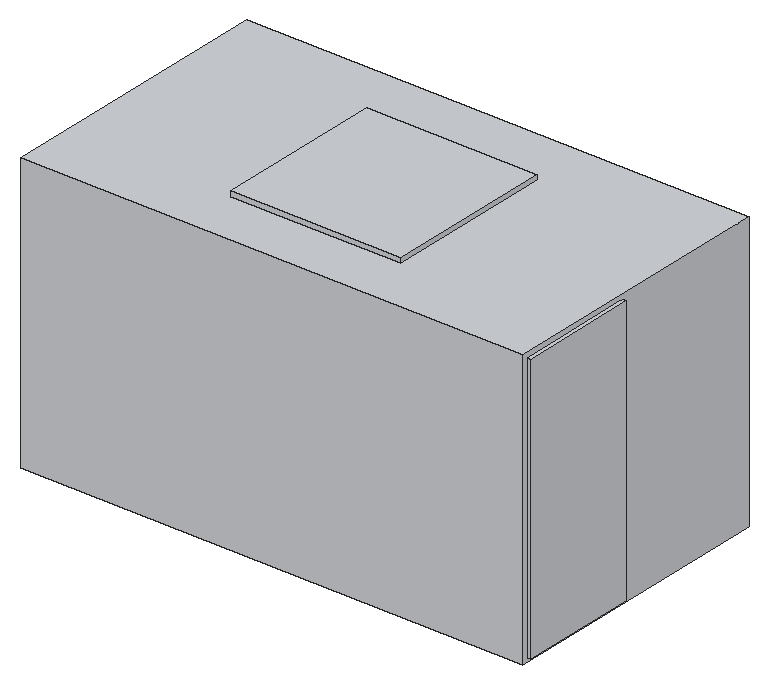
Revit family "M_Módulo do ventilador - Descarga traseira", category Equipamento mecânico, Revit 2019
Family settings
  Cota do conector redondo = Utilizar diâmetro
  Tipo de parte = Normal
  ID de item do Seek = Fan Module -  Rear Discharge Up-0000-CAN-ENU
  Com base no plano de trabalho = Não
  Sempre na vertical = Sim
  Corte com vazios quando carregada = Não
  Compartilhado = Não
  Ponto de cálculo do ambiente = Não
Parameters (values of type "11280 LPS")
  Largura = 665.2 mm
  Voltagem = 480 V
  Raio do motor do símbolo = Largura de meia entrada * 0.4  # 560 mm
  Comprimento do símbolo = Largura do ventilador / 2 - Raio do motor do símbolo - 50.8 mm  # 176.6 mm
  Raio 2 = 1 / 6 * Comprimento do ventilador  # 466.667 mm
  Largura da saída = Altura da saída  # 950 mm
  Altura da saída = 950 mm
  Classificação de carga = Refrigeração
  Pressão estática externa [instance] = 186.63 Pa
  Número de pólos = 3
  Largura interna = Altura do ventilador  # 1550 mm
  Altura interna = Comprimento do ventilador  # 2800 mm
  Largura de meia entrada = Comprimento do ventilador / 2  # 1400 mm
  Altura de meia entrada = Largura do ventilador / 2  # 787.4 mm
  Altura do meio ventilador = Altura do ventilador / 2  # 775 mm
  Largura de meia tomada = Largura da saída / 2  # 475 mm
  Altura de meia tomada = Altura da saída / 2  # 475 mm
  Largura do ventilador = 1574.8 mm
  Material do ventilador = none
  Comprimento do ventilador = 2800 mm
  Altura do ventilador = 1550 mm
  Carga aparente [instance] = 120000 VA
  Fluxo de ar [instance] = 11326.7 L/s
Types (17, lengths in mm): name | Largura | Voltagem | Raio do motor do símbolo | Comprimento do símbolo | Raio 2 | Largura da saída | Altura da saída | Largura interna | Altura interna | Largura de meia entrada | Altura de meia entrada | Altura do meio ventilador | Largura de meia tomada | Altura de meia tomada | Largura do ventilador | Comprimento do ventilador | Altura do ventilador | Carga aparente | Fluxo de ar
  (no name) | 665.2 | 480 V | 560 | 176.6 | 466.667 | 950 | 950 | 1550 | 2800 | 1400 | 787.4 | 775 | 475 | 475 | 1574.8 | 2800 | 1550 | 120000 VA | 11326.7 L/s
  846 LPS | 406.4 | 208 V | 160 | 246.4 | 133.333 | 300 | 300 | 650 | 800 | 400 | 457.2 | 325 | 150 | 150 | 914.4 | 800 | 650 | 13000 VA | 849.51 L/s
  1692 LPS | 406.4 | 208 V | 220 | 262.6 | 183.333 | 400 | 400 | 700 | 1100 | 550 | 533.4 | 350 | 200 | 200 | 1066.8 | 1100 | 700 | 26000 VA | 1699.01 L/s
  2256 LPS | 406.4 | 208 V | 240 | 268 | 200 | 450 | 450 | 800 | 1200 | 600 | 558.8 | 400 | 225 | 225 | 1117.6 | 1200 | 800 | 32000 VA | 2265.35 L/s
  2820 LPS | 406.4 | 208 V | 300 | 81 | 250 | 500 | 500 | 850 | 1500 | 750 | 431.8 | 425 | 250 | 250 | 863.6 | 1500 | 850 | 44000 VA | 2831.68 L/s
  3384 LPS | 406.4 | 208 V | 330 | 101.8 | 275 | 550 | 550 | 950 | 1650 | 825 | 482.6 | 475 | 275 | 275 | 965.2 | 1650 | 950 | 53000 VA | 3398.02 L/s
  3948 LPS | 406.4 | 208 V | 350 | 107.2 | 291.667 | 600 | 600 | 1000 | 1750 | 875 | 508 | 500 | 300 | 300 | 1016 | 1750 | 1000 | 63000 VA | 3964.36 L/s
  4764 LPS | 406.4 | 208 V | 380 | 128 | 316.667 | 700 | 700 | 1100 | 1900 | 950 | 558.8 | 550 | 350 | 350 | 1117.6 | 1900 | 1100 | 75000 VA | 4813.86 L/s
  5922 LPS | 609.6 | 208 V | 390 | 194.2 | 325 | 700 | 700 | 1250 | 1950 | 975 | 635 | 625 | 350 | 350 | 1270 | 1950 | 1250 | 95000 VA | 5946.54 L/s
  7050 LPS | 609.6 | 208 V | 400 | 260.4 | 333.333 | 800 | 800 | 1400 | 2000 | 1000 | 711.2 | 700 | 400 | 400 | 1422.4 | 2000 | 1400 | 95000 VA | 7079.21 L/s
  8460 LPS | 609.6 | 208 V | 470 | 190.4 | 391.667 | 800 | 800 | 1400 | 2350 | 1175 | 711.2 | 700 | 400 | 400 | 1422.4 | 2350 | 1400 | 120000 VA | 8495.05 L/s
  9870 LPS | 609.6 | 480 V | 490 | 246.6 | 408.333 | 850 | 850 | 1550 | 2450 | 1225 | 787.4 | 775 | 425 | 425 | 1574.8 | 2450 | 1550 | 120000 VA | 9910.9 L/s
  11280 LPS | 665.2 | 480 V | 560 | 176.6 | 466.667 | 950 | 950 | 1550 | 2800 | 1400 | 787.4 | 775 | 475 | 475 | 1574.8 | 2800 | 1550 | 120000 VA | 11326.7 L/s
  14100 LPS | 665.2 | 480 V | 610 | 228.2 | 508.333 | 1050 | 1050 | 1900 | 3050 | 1525 | 889 | 950 | 525 | 525 | 1778 | 3050 | 1900 | 120000 VA | 14158.4 L/s
  18612 LPS | 609.6 | 480 V | 700 | 316 | 583.333 | 1200 | 1200 | 2350 | 3500 | 1750 | 1066.8 | 1175 | 600 | 600 | 2133.6 | 3500 | 2350 | 120000 VA | 18689.1 L/s
  22560 LPS | 609.6 | 480 V | 700 | 417.6 | 583.333 | 1300 | 1300 | 2800 | 3500 | 1750 | 1168.4 | 1400 | 650 | 650 | 2336.8 | 3500 | 2800 | 120000 VA | 22653.5 L/s
  28200 LPS | 609.6 | 480 V | 770 | 398.4 | 641.667 | 1650 | 1650 | 3050 | 3850 | 1925 | 1219.2 | 1525 | 825 | 825 | 2438.4 | 3850 | 3050 | 120000 VA | 28316.8 L/s
Reference planes
  plane 1 "Centro (Frente/Trás)": y = 0
  plane 2: z = 0
  plane 3 "Centro (Esquerda/Direita)": x = 0
  plane 4: x = -1400
  plane 5: x = 1400
  plane 6: y = -1574.8
  plane 7: z = 1550
  plane 8: x = -1425.4
  plane 9: x = 1425.4
  plane 10: y = -1549.4
  plane 11: y = -884.2
  plane 12: z = 1524.6
  plane 13: z = 25.4
  plane 14: x = -475
  plane 15: x = 475
  plane 16: y = -1270
  plane 17: y = -795
  plane 18: y = -320
  plane 19: z = 1575.4
  plane 20: z = 775
  plane 21: y = -787.4
  plane 22: y = -1347.4
  plane 23: y = -1524
  plane 24: x = 560
Forms (mm)
  Extrusion 1, solid, material <- "Material do ventilador"
    sketch origin (0, 0, 0) x (1, 0, 0) y (0, 1, 0)
      loop
        line (-1400, 0) -> (-1400, -1574.8) -> (1400, -1574.8) -> (1400, 0) -> (-1400, 0)
    from 0 to 1550
  Extrusion 2, solid, material <- "Material do ventilador"
    sketch origin (0, 0, 0) x (0, 1, 0) y (0, 0, 1)
      loop
        line (-884.2, 1524.6) -> (-1549.4, 1524.6) -> (-1549.4, 25.4) -> (-884.2, 25.4) -> (-884.2, 1524.6)
    from -1425.4 to -1400
  Extrusion 3, solid, material <- "Material do ventilador"
    sketch origin (0, 0, 0) x (0, 1, 0) y (0, 0, 1)
      loop
        line (-884.2, 1524.6) -> (-1549.4, 1524.6) -> (-1549.4, 25.4) -> (-884.2, 25.4) -> (-884.2, 1524.6)
    from 1400 to 1425.4
  Extrusion 4, solid, material <- "Material do ventilador"
    sketch origin (0, 0, 0) x (1, 0, 0) y (0, 1, 0)
      loop
        line (-475, -320) -> (-475, -1270) -> (475, -1270) -> (475, -320) -> (-475, -320)
    from 1550 to 1575.4
Cuts and joins
  joined: Extrusion 1, Extrusion 2, Extrusion 3, Extrusion 4
Lines and regions (mm)
  symbolic lines, detail levels coarse+medium
    curve 1: circle (0, -787.4, 775) r 466.667 normal (0, 0, 1)
    curve 2: line (0, -1347.4, 775) -> (0, -1524, 775)
    curve 3: line (0, -1524, 775) -> (560, -1524, 775)
    curve 4: line (560, -1524, 775) -> (560, -787.4, 775)
    curve 5: arc (560, -787.4, 775) -> (-395.98, -391.42, 775) -> (0, -1347.4, 775) r 560
    curve 6: line (-1425.4, 0, 775) -> (1425.4, 0, 775)
    curve 7: line (-1425.4, -1574.8, 775) -> (-1425.4, 0, 775)
    curve 8: line (1425.4, -1574.8, 775) -> (-1425.4, -1574.8, 775)
    curve 9: line (1425.4, 0, 775) -> (1425.4, -1574.8, 775)
  symbolic lines, detail levels fine
    curve 10: line (-1400, 0, 775) -> (1400, 0, 775)
    curve 11: line (-1400, -1574.8, 775) -> (-1400, 0, 775)
    curve 12: line (1400, -1574.8, 775) -> (-1400, -1574.8, 775)
    curve 13: line (1400, 0, 775) -> (1400, -1574.8, 775)
    curve 14: line (-475, -320, 775) -> (475, -320, 775)
    curve 15: line (-475, -1270, 775) -> (-475, -320, 775)
    curve 16: line (475, -1270, 775) -> (-475, -1270, 775)
    curve 17: line (475, -320, 775) -> (475, -1270, 775)
    curve 18: line (-1425.4, -884.2, 775) -> (-1400, -884.2, 775)
    curve 19: line (-1425.4, -1549.4, 775) -> (-1425.4, -884.2, 775)
    curve 20: line (-1400, -1549.4, 775) -> (-1425.4, -1549.4, 775)
    curve 21: line (-1400, -884.2, 775) -> (-1400, -1549.4, 775)
    curve 22: line (1400, -884.2, 775) -> (1425.4, -884.2, 775)
    curve 23: line (1400, -1549.4, 775) -> (1400, -884.2, 775)
    curve 24: line (1425.4, -1549.4, 775) -> (1400, -1549.4, 775)
    curve 25: line (1425.4, -884.2, 775) -> (1425.4, -1549.4, 775)
Dimensions and locks
  equal spacing: plane 4, plane 3 "Centro (Esquerda/Direita)", plane 5
  "Largura de meia entrada": plane 4 to plane 3 "Centro (Esquerda/Direita)"
  "Largura do ventilador": plane 6 to plane 1 "Centro (Frente/Trás)"
  "Altura do ventilador": plane 7 to plane 2
  locked: plane 4 to plane 8 at 25.4
  locked: plane 9 to plane 5 at 25.4
  locked: plane 10 to plane 6 at 25.4
  "Largura": plane 11 to plane 10
  locked: plane 7 to plane 12 at 25.4
  locked: plane 13 to plane 2 at 25.4
  equal spacing: plane 14, plane 3 "Centro (Esquerda/Direita)", plane 15
  "Largura de meia tomada": plane 14 to plane 3 "Centro (Esquerda/Direita)"
  locked: plane 16 to plane 6 at 304.8
  equal spacing: plane 18, plane 17, plane 16
  "Altura de meia tomada": plane 17 to plane 16
  locked: plane 19 to plane 7 at 25.4
  "Altura do meio ventilador": plane 20 to plane 2
  equal spacing: plane 6, plane 21, plane 1 "Centro (Frente/Trás)"
  "Altura de meia entrada": plane 21 to plane 1 "Centro (Frente/Trás)"
  "Raio do motor do símbolo": plane 21 to plane 22
  "Comprimento do símbolo": plane 22 to plane 23
  "Raio do motor do símbolo": plane 3 "Centro (Esquerda/Direita)" to plane 24
  "Raio 2": radius of curve 1
  aligned and locked: plane 4 to Extrusion 1 sketch curve
  aligned and locked: plane 1 "Centro (Frente/Trás)" to Extrusion 1 sketch curve
  aligned and locked: plane 6 to Extrusion 1 sketch curve
  aligned and locked: Extrusion 1 sketch curve to plane 5
  aligned and locked: plane 7 to Extrusion 1
  aligned and locked: Extrusion 1 to level
  aligned and locked: plane 11 to Extrusion 2 sketch curve
  aligned and locked: plane 12 to Extrusion 2 sketch curve
  aligned and locked: plane 13 to Extrusion 2 sketch curve
  aligned and locked: plane 10 to Extrusion 2 sketch curve
  aligned and locked: Extrusion 2 to plane 8
  aligned and locked: plane 4 to Extrusion 2
  aligned and locked: Extrusion 3 sketch curve to Extrusion 2  (x3)
  aligned and locked: Extrusion 2 to Extrusion 3 sketch curve
  aligned and locked: plane 9 to Extrusion 3
  aligned and locked: Extrusion 3 to plane 5
  aligned and locked: plane 14 to Extrusion 4 sketch curve
  aligned and locked: Extrusion 4 sketch curve to plane 18
  aligned and locked: plane 16 to Extrusion 4 sketch curve
  aligned and locked: Extrusion 4 sketch curve to plane 15
  aligned and locked: plane 19 to Extrusion 4
  aligned and locked: Extrusion 4 to plane 7
  aligned and locked: plane 3 "Centro (Esquerda/Direita)" to curve 1
  aligned and locked: plane 21 to curve 1
  aligned and locked: curve 2 to plane 3 "Centro (Esquerda/Direita)"
  aligned and locked: curve 3 to plane 23
  aligned and locked: plane 24 to curve 4
  aligned and locked: plane 22 to curve 5
  aligned and locked: plane 24 to curve 5
  aligned and locked: plane 21 to curve 4
  aligned and locked: plane 8 to curve 6
  aligned and locked: plane 1 "Centro (Frente/Trás)" to curve 6
  aligned and locked: plane 6 to curve 9
  aligned and locked: curve 9 to plane 9
  aligned and locked: curve 10 to cut or joined group of Extrusion 1, Extrusion 2, Extrusion 3, Extrusion 4
  aligned and locked: curve 6 to curve 10
  aligned and locked: curve 8 to curve 13
  aligned and locked: curve 13 to cut or joined group of Extrusion 1, Extrusion 2, Extrusion 3, Extrusion 4
  aligned and locked: curve 14 to cut or joined group of Extrusion 1, Extrusion 2, Extrusion 3, Extrusion 4  (x2)
  aligned and locked: cut or joined group of Extrusion 1, Extrusion 2, Extrusion 3, Extrusion 4 to curve 17
  aligned and locked: curve 17 to cut or joined group of Extrusion 1, Extrusion 2, Extrusion 3, Extrusion 4
  aligned and locked: curve 7 to curve 18
  aligned and locked: curve 18 to cut or joined group of Extrusion 1, Extrusion 2, Extrusion 3, Extrusion 4
  aligned and locked: curve 21 to cut or joined group of Extrusion 1, Extrusion 2, Extrusion 3, Extrusion 4
  aligned and locked: curve 21 to curve 11
  aligned and locked: curve 13 to curve 22
  aligned and locked: curve 22 to cut or joined group of Extrusion 1, Extrusion 2, Extrusion 3, Extrusion 4
  aligned and locked: curve 25 to cut or joined group of Extrusion 1, Extrusion 2, Extrusion 3, Extrusion 4
  aligned and locked: curve 9 to curve 25
Connectors
  hvac at (0, -795, 1575.4), driven by "Largura da saída", driven by "Altura da saída", driven by "Fluxo de ar", driven by "Pressão estática externa"
    settings: on cut or joined group of Extrusion 1, Extrusion 2, Extrusion 3, Extrusion 4, index 1, duct flow 11326.7 L/s, flow factor 0, pres drop 186.63 Pa, loss coef 0, conn angle 0.00°, conn width 950 mm, conn height 950 mm, conn diameter 609.6 mm, duct sys type 29, conn prof type 1, flow config 0, flow direction 2, loss method 0, conn ref index 2, conn util no, is conn primary yes, conn desc ""
  hvac at (0, 0, 775), driven by "Altura interna", driven by "Largura interna", driven by "Fluxo de ar"
    settings: on cut or joined group of Extrusion 1, Extrusion 2, Extrusion 3, Extrusion 4, index 2, duct flow 11326.7 L/s, flow factor 0, pres drop 0.0 Pa, loss coef 0, conn angle 0.00°, conn width 1550 mm, conn height 2800 mm, conn diameter 609.6 mm, duct sys type 29, conn prof type 1, flow config 0, flow direction 1, loss method 0, conn ref index 1, conn util no, is conn primary no, conn desc ""
  electrical at (-1425.4, -1216.8, 775), driven by "Carga aparente", driven by "Voltagem", driven by "Número de pólos", driven by "Classificação de carga"
    settings: on cut or joined group of Extrusion 1, Extrusion 2, Extrusion 3, Extrusion 4, index 3, voltage 480 V, apparent load 120000 VA, apparent load phase1 0 VA, apparent load phase2 0 VA, apparent load phase3 0 VA, power factor 0.8, load classification "Refrigeração", number of poles 3, system type 30, power factor state 1, is connector primary yes, connector utility no, sub classification motor no, connector description ""
